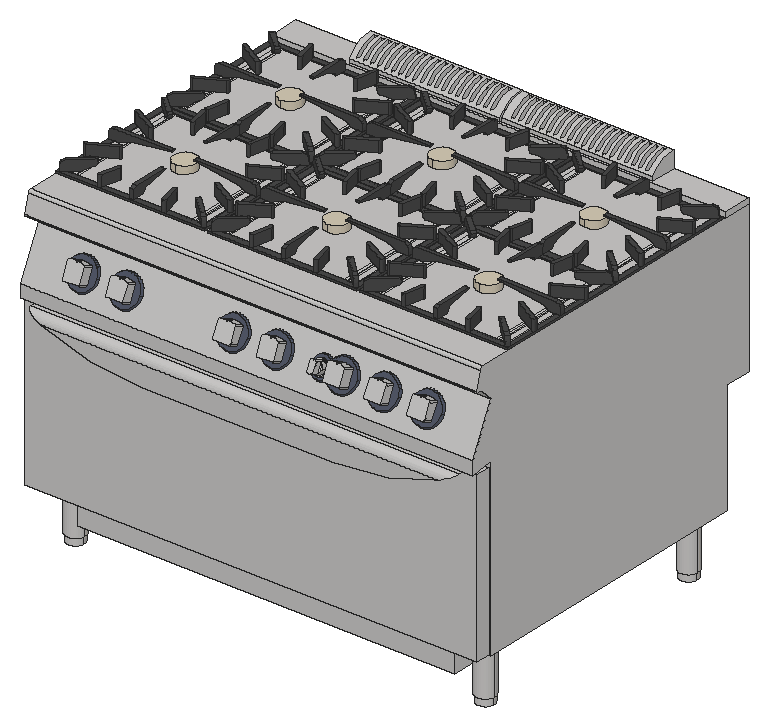
Revit family "QF_ZANUSSI_392015_Z9GCGL6SL0", category Specialty Equipment, Revit 2018
Family settings
  Round Connector Dimension = Use Diameter
  Part Type = Normal
  Work Plane-Based = No
  Always vertical = Yes
  Cut with Voids When Loaded = No
  Shared = No
  Room Calculation Point = No
Parameters
  Width = 1200 mm
  Weight in Pounds = 200  # constant formula
  Weight = 0.00 kg
  Watts = 0 W
  Volts = 0 V
  URL Manufacturer = "http://www.zanussiprofessional.com"
  URL Cutsheet = "www.electrolux.com"
  URL = "http://www.zanussiprofessional.com"
  Type Mark [instance] = ""
  Steam Supply Size = 0"
  Steam Supply Minimum Pressure = 0.00 psi
  Steam Supply Maximum Pressure = 0.00 psi
  Steam Pounds per Hour = 0
  Status [instance] = ""
  Specification by User [instance] = ""
  Specification by Manufacturer = ""
  Show Logo [instance] = yes
  Show Clearance [instance] = yes
  Serial Number = ""
  Seismic Rating = ""
  SMACNA No = ""
  Revision Code [instance] = ""
  Refrigeration Suction Line Size = 0"
  Refrigeration Liquid Line Size = 0"
  Refrigerant Compressor Remote = yes
  Phase = 0
  Omniclass Number and Title = ""
  NAFEM Spec ID Number = ""
  Model = "Z9GCGL6SL0"
  Mechanical Remarks [instance] = ""
  Mechanical Connection Type [instance] = ""
  Masterspec = ""
  Manufacturer = "Zanussi"
  Length Actual = 1200 mm  # constant formula
  Item Number [instance] = "392015"
  Installed By [instance] = ""
  Identify Quantity as Lot [instance] = yes
  Hot Water Size = 0"
  Height Actual = 850 mm  # constant formula
  Height = 908 mm
  HP = "0 HP"
  Gas Size = 1/2"  # constant formula
  Gas RI Height [instance] = 0 mm
  Gas KW [instance] = 56  # constant formula
  Gas Input [instance] = 1.45819 Btu/h
  Gas Connection Height = 0 mm
  Furnished By [instance] = ""
  Foodservice Equipment Identifier [instance] = yes
  Direct Waste Size = 0"
  Description = "6-BURNER GAS RANGE+LARGE GAS OVEN 1200MM"
  Depth Actual = 900 mm  # constant formula
  Depth = 915 mm
  Cycle = 0 Hz
  Condensate Return Size = 0"
  Compressed Air Volume = 0 GPM
  Compressed Air Size = 0"
  Compressed Air Pressure = 0.00 psi
  Cold Water Size = 0"
  CSI MasterFormat = ""
  CSI Master Format = ""
  Assembly Code = ""
  Accessory = yes
Reference planes
  plane 1 "BACK": y = 0
  plane 2: z = 0
  plane 3 "LEFT": x = 0
  plane 4 "RIGHT": x = 1200
  plane 5 "FRONT": y = -700
  plane 6 "TOP": z = 908
  plane 7 "Center Y": x = 600
  plane 8 "Center X": y = -350
  plane 9 "Base": z = 150
  plane 10: z = 850
  plane 11: y = -915
  plane 12: y = -1109
  plane 13: y = -128
  plane 14: y = -802
  plane 15: y = -1310
  plane 16: y = -666
  plane 17: x = 56
  plane 18: x = 1144
Forms (mm)
  Extrusion 1, solid, material "QF_Finishes_Stainless Steel"
    sketch origin (0, 0, 0) x (0, 1, 0) y (0, 0, 1)
      loop
        line (0, 850) -> (-879.358, 850)
        arc (-879.358, 850) -> (-884.643, 847.811) -> (-886.833, 842.526) r 7.474
        line (-886.833, 842.526) -> (-899.884, 797.011)
        arc (-899.884, 797.011) -> (-899.396, 794.379) -> (-897, 793.184) r 3
        line (-897, 793.184) -> (-886.802, 793.184) -> (-854.982, 761.364) -> (-915, 640.508) -> (-915, 605.508) -> (-858.645, 613.428)
        arc (-858.645, 613.428) -> (-856.101, 612.674) -> (-855, 610.259) r 3.2
        line (-855, 610.259) -> (-855, 150) -> (-71, 150) -> (-71, 450) -> (0, 450) -> (0, 850)
      loop
        line (-900, 600) -> (-900, 155) -> (-860, 155) -> (-860, 600) -> (-900, 600)
    from 0 to 1200
  Extrusion 2, solid, material "QF_Finishes_Stainless Steel"
    sketch origin (0, 0, 0) x (0, -1, 0) y (0, 0, 1)
      loop
        line (0, 850) -> (76.2, 850) -> (76.2, 864.288) -> (0, 864.288) -> (0, 850)
    from 0 to -1200
  Extrusion 3, solid, material "QF_Finishes_Stainless Steel"
    sketch origin (0, -852.222, 150) x (1, 0, 0) y (0, -1, 0)
      loop
        circle (1148, -186.222) r 6.4
    from 0 to 21
  Extrusion 4, solid, material "QF_Clearances", visible <- "Show Clearance", detail levels coarse
    sketch origin (0, -200, 0) x (1, 0, 0) y (0, 1, 0)
      loop
        line (-100, -715) -> (0, -715) -> (0, 200) -> (1200, 200) -> (1200, -715) -> (1300, -715) -> (1300, 300) -> (-100, 300) -> (-100, -715)
    from 0 to 908.85
  Extrusion 5, solid, material "QF_Finishes_Stainless Steel"
    sketch origin (202.4, -200, 590.5) x (0, 1, 0) y (0, 0, 1)
      loop
        line (200, 273.788) -> (200, 317.5)
        arc (200, 317.5) -> (160.928, 308.879) -> (130.15, 283.313) r 84.854
        line (130.15, 283.313) -> (130.15, 273.788) -> (200, 273.788)
    from 400 to 800
  Revolve 6, solid, material "QF_Finishes_Stainless Steel"
    sketch origin (799, -128, 0) x (-1, 0, 0) y (0, 0, -1)
      loop
        line (-345, 0) -> (-367.9, 0) -> (-367.9, -19.05) -> (-370.4, -19.05) -> (-370.4, -150) -> (-345, -150) -> (-345, 0)
      axis (-345, 0) -> (-345, -150)
    angle from 0 to 360
  Revolve 7, solid, material "QF_Finishes_Stainless Steel"
    sketch origin (799, -802, 0) x (-1, 0, 0) y (0, 0, -1)
      loop
        line (-345, 0) -> (-367.9, 0) -> (-367.9, -19.05) -> (-370.4, -19.05) -> (-370.4, -150) -> (-345, -150) -> (-345, 0)
      axis (-345, 0) -> (-345, -150)
    angle from 0 to 360
  Extrusion 8, solid, material "QF_Finishes_Stainless Steel"
    sketch origin (0, -852.222, 150) x (1, 0, 0) y (0, -1, 0)
      loop
        circle (1157, -276.222) r 12.7
    from 0 to 5
  Extrusion 9, void
    sketch origin (-62.611, 0, 865.138) x (-1, 0, 0) y (0, -1, 0)
      loop
        line (-695.005, 6.761) -> (-685.709, 6.761) -> (-685.709, 63.911) -> (-695.005, 63.911) -> (-695.005, 6.761)
      loop
        line (-713.697, 6.761) -> (-704.401, 6.761) -> (-704.401, 63.911) -> (-713.697, 63.911) -> (-713.697, 6.761)
      loop
        line (-732.39, 6.761) -> (-723.094, 6.761) -> (-723.094, 63.911) -> (-732.39, 63.911) -> (-732.39, 6.761)
      loop
        line (-751.082, 6.761) -> (-741.787, 6.761) -> (-741.787, 63.911) -> (-751.082, 63.911) -> (-751.082, 6.761)
      loop
        line (-769.775, 6.761) -> (-760.479, 6.761) -> (-760.479, 63.911) -> (-769.775, 63.911) -> (-769.775, 6.761)
      loop
        line (-788.468, 6.761) -> (-779.172, 6.761) -> (-779.172, 63.911) -> (-788.468, 63.911) -> (-788.468, 6.761)
      loop
        line (-807.16, 6.761) -> (-797.864, 6.761) -> (-797.864, 63.911) -> (-807.16, 63.911) -> (-807.16, 6.761)
      loop
        line (-825.853, 6.761) -> (-816.557, 6.761) -> (-816.557, 63.911) -> (-825.853, 63.911) -> (-825.853, 6.761)
      loop
        line (-844.545, 6.761) -> (-835.25, 6.761) -> (-835.25, 63.911) -> (-844.545, 63.911) -> (-844.545, 6.761)
      loop
        line (-863.238, 6.761) -> (-853.942, 6.761) -> (-853.942, 63.911) -> (-863.238, 63.911) -> (-863.238, 6.761)
      loop
        line (-881.931, 6.761) -> (-872.635, 6.761) -> (-872.635, 63.911) -> (-881.931, 63.911) -> (-881.931, 6.761)
      loop
        line (-900.623, 6.761) -> (-891.328, 6.761) -> (-891.328, 63.911) -> (-900.623, 63.911) -> (-900.623, 6.761)
      loop
        line (-919.316, 6.761) -> (-910.02, 6.761) -> (-910.02, 63.911) -> (-919.316, 63.911) -> (-919.316, 6.761)
      loop
        line (-938.008, 6.761) -> (-928.713, 6.761) -> (-928.713, 63.911) -> (-938.008, 63.911) -> (-938.008, 6.761)
      loop
        line (-956.701, 6.761) -> (-947.405, 6.761) -> (-947.405, 63.911) -> (-956.701, 63.911) -> (-956.701, 6.761)
      loop
        line (-975.394, 6.761) -> (-966.098, 6.761) -> (-966.098, 63.911) -> (-975.394, 63.911) -> (-975.394, 6.761)
      loop
        line (-994.086, 6.761) -> (-984.791, 6.761) -> (-984.791, 63.911) -> (-994.086, 63.911) -> (-994.086, 6.761)
      loop
        line (-1012.779, 6.761) -> (-1003.483, 6.761) -> (-1003.483, 63.911) -> (-1012.779, 63.911) -> (-1012.779, 6.761)
      loop
        line (-1031.472, 6.761) -> (-1022.176, 6.761) -> (-1022.176, 63.911) -> (-1031.472, 63.911) -> (-1031.472, 6.761)
      loop
        line (-1050.164, 6.761) -> (-1040.868, 6.761) -> (-1040.868, 63.911) -> (-1050.164, 63.911) -> (-1050.164, 6.761)
    from 9.525 to 45.348
  Revolve 10, solid, material "QF_Finishes_Stainless Steel"
    sketch origin (1, -128, 0) x (1, 0, 0) y (0, 0, 1)
      loop
        line (55, 0) -> (55, 150) -> (29.6, 150) -> (29.6, 19.05) -> (32.1, 19.05) -> (32.1, 0) -> (55, 0)
      axis (55, 0) -> (55, 150)
    angle from 0 to 360
  Revolve 11, solid, material "QF_Finishes_Stainless Steel"
    sketch origin (1, -802, 0) x (1, 0, 0) y (0, 0, 1)
      loop
        line (55, 0) -> (55, 150) -> (29.6, 150) -> (29.6, 19.05) -> (32.1, 19.05) -> (32.1, 0) -> (55, 0)
      axis (55, 0) -> (55, 150)
    angle from 0 to 360
  Extrusion 12, solid, material "QF_Finishes_Stainless Steel"
    sketch origin (997.6, -200, 590.5) x (0, 1, 0) y (0, 0, -1)
      loop
        line (200, -273.788) -> (130.15, -273.788) -> (130.15, -283.313)
        arc (130.15, -283.313) -> (160.928, -308.879) -> (200, -317.5) r 84.854
        line (200, -317.5) -> (200, -273.788)
    from 400 to 800
  Extrusion 13, void
    sketch origin (1262.611, 0, 865.138) x (1, 0, 0) y (0, 1, 0)
      loop
        line (-695.005, -6.761) -> (-695.005, -63.911) -> (-685.709, -63.911) -> (-685.709, -6.761) -> (-695.005, -6.761)
      loop
        line (-713.697, -6.761) -> (-713.697, -63.911) -> (-704.401, -63.911) -> (-704.401, -6.761) -> (-713.697, -6.761)
      loop
        line (-732.39, -6.761) -> (-732.39, -63.911) -> (-723.094, -63.911) -> (-723.094, -6.761) -> (-732.39, -6.761)
      loop
        line (-751.082, -6.761) -> (-751.082, -63.911) -> (-741.787, -63.911) -> (-741.787, -6.761) -> (-751.082, -6.761)
      loop
        line (-769.775, -6.761) -> (-769.775, -63.911) -> (-760.479, -63.911) -> (-760.479, -6.761) -> (-769.775, -6.761)
      loop
        line (-788.468, -6.761) -> (-788.468, -63.911) -> (-779.172, -63.911) -> (-779.172, -6.761) -> (-788.468, -6.761)
      loop
        line (-807.16, -6.761) -> (-807.16, -63.911) -> (-797.864, -63.911) -> (-797.864, -6.761) -> (-807.16, -6.761)
      loop
        line (-825.853, -6.761) -> (-825.853, -63.911) -> (-816.557, -63.911) -> (-816.557, -6.761) -> (-825.853, -6.761)
      loop
        line (-844.545, -6.761) -> (-844.545, -63.911) -> (-835.25, -63.911) -> (-835.25, -6.761) -> (-844.545, -6.761)
      loop
        line (-863.238, -6.761) -> (-863.238, -63.911) -> (-853.942, -63.911) -> (-853.942, -6.761) -> (-863.238, -6.761)
      loop
        line (-881.931, -6.761) -> (-881.931, -63.911) -> (-872.635, -63.911) -> (-872.635, -6.761) -> (-881.931, -6.761)
      loop
        line (-900.623, -6.761) -> (-900.623, -63.911) -> (-891.328, -63.911) -> (-891.328, -6.761) -> (-900.623, -6.761)
      loop
        line (-919.316, -6.761) -> (-919.316, -63.911) -> (-910.02, -63.911) -> (-910.02, -6.761) -> (-919.316, -6.761)
      loop
        line (-938.008, -6.761) -> (-938.008, -63.911) -> (-928.713, -63.911) -> (-928.713, -6.761) -> (-938.008, -6.761)
      loop
        line (-956.701, -6.761) -> (-956.701, -63.911) -> (-947.405, -63.911) -> (-947.405, -6.761) -> (-956.701, -6.761)
      loop
        line (-975.394, -6.761) -> (-975.394, -63.911) -> (-966.098, -63.911) -> (-966.098, -6.761) -> (-975.394, -6.761)
      loop
        line (-994.086, -6.761) -> (-994.086, -63.911) -> (-984.791, -63.911) -> (-984.791, -6.761) -> (-994.086, -6.761)
      loop
        line (-1012.779, -6.761) -> (-1012.779, -63.911) -> (-1003.483, -63.911) -> (-1003.483, -6.761) -> (-1012.779, -6.761)
      loop
        line (-1031.472, -6.761) -> (-1031.472, -63.911) -> (-1022.176, -63.911) -> (-1022.176, -6.761) -> (-1031.472, -6.761)
      loop
        line (-1050.164, -6.761) -> (-1050.164, -63.911) -> (-1040.868, -63.911) -> (-1040.868, -6.761) -> (-1050.164, -6.761)
    from 9.525 to 45.348
  Extrusion 14, solid, material "QF_Finishes_Door Clearance", visible <- "Show Clearance", detail levels coarse
    sketch origin (400, -200, 0) x (0, 1, 0) y (0, 0, 1)
      loop
        arc (-700, 600) -> (-991.621, 457.58) -> (-1108.972, 155) r 445
        line (-1108.972, 155) -> (-700, 155) -> (-700, 600)
    from -400 to 800
  Blend 15, solid, material "QF_Finishes_Navy Blue"
    base sketch origin (832.5, -884.991, 700.936) x (1, 0, 0) y (0, 0.446333, 0.894867)
      loop
        arc (-35.05, -24.037) -> (42.5, 0) -> (-35.05, 24.037) r 42.5
        arc (-35.05, 24.037) -> (-83, 0) -> (-35.05, -24.037) r 30
    top sketch origin (832.5, -884.991, 700.936) x (1, 0, 0) y (0, 0.446333, 0.894867)
      loop
        arc (-34.578, -21.086) -> (40.5, 0) -> (-34.578, 21.086) r 40.5
        arc (-34.578, 21.086) -> (-81, 0) -> (-34.578, -21.086) r 28
    from 0 to 5
  Extrusion 16, solid, material "QF_Finishes_Stainless Steel"
    sketch origin (600, -884.991, 700.936) x (1, 0, 0) y (0, 0.446333, 0.894867)
      loop
        circle (177.499, -0.341) r 20
    from 5 to 10
  Extrusion 17, void
    sketch origin (832.5, -884.991, 700.936) x (1, 0, 0) y (0, -0.894867, 0.446333)
      loop
        line (-62.999, 24.837) -> (-62.999, 40) -> (-71.893, 40) -> (-71.893, 22) -> (-65.835, 22)
        arc (-65.835, 22) -> (-63.827, 22.828) -> (-62.999, 24.837) r 2.827
      loop
        arc (-47.003, 24.837) -> (-46.175, 22.828) -> (-44.167, 22) r 2.827
        line (-44.167, 22) -> (-38.109, 22) -> (-38.109, 40) -> (-47.003, 40) -> (-47.003, 24.837)
    from -20.019 to 20.019
  Extrusion 18, solid, material "QF_Finishes_Stainless Steel"
    sketch origin (600, -884.991, 700.936) x (1, 0, 0) y (0, 0.446333, 0.894867)
      loop
        arc (211.353, 22.789) -> (210.006, 21.685) -> (209.5, 20.019) r 2.997
        line (209.5, 20.019) -> (209.5, -20.019)
        arc (209.5, -20.019) -> (210.378, -22.138) -> (212.497, -23.016) r 2.997
        line (212.497, -23.016) -> (252.503, -23.016)
        arc (252.503, -23.016) -> (254.622, -22.138) -> (255.5, -20.019) r 2.997
        line (255.5, -20.019) -> (255.5, 20.019)
        arc (255.5, 20.019) -> (254.994, 21.685) -> (253.647, 22.789) r 2.997
        arc (253.647, 22.789) -> (232.5, 26.984) -> (211.353, 22.789) r 55.4
    from 5 to 34
  Blend 19, solid, material "QF_Finishes_Navy Blue"
    base sketch origin (942.5, -884.991, 700.936) x (1, 0, 0) y (0, 0.446333, 0.894867)
      loop
        circle (0, 0) r 42.5
    top sketch origin (942.5, -884.991, 700.936) x (1, 0, 0) y (0, 0.446333, 0.894867)
      loop
        circle (0, 0) r 40.5
    from 0 to 5
  Extrusion 20, solid, material "QF_Finishes_Stainless Steel"
    sketch origin (942.5, -884.991, 700.936) x (1, 0, 0) y (0, 0.446333, 0.894867)
      loop
        arc (-21.147, 22.789) -> (-22.494, 21.685) -> (-23, 20.019) r 2.997
        line (-23, 20.019) -> (-23, -20.019)
        arc (-23, -20.019) -> (-22.122, -22.138) -> (-20.003, -23.016) r 2.997
        line (-20.003, -23.016) -> (20.003, -23.016)
        arc (20.003, -23.016) -> (22.122, -22.138) -> (23, -20.019) r 2.997
        line (23, -20.019) -> (23, 20.019)
        arc (23, 20.019) -> (22.494, 21.685) -> (21.147, 22.789) r 2.997
        arc (21.147, 22.789) -> (0, 26.984) -> (-21.147, 22.789) r 55.4
    from 10 to 34
  Extrusion 21, solid, material "QF_Plastic-Black-Matte"
    sketch origin (1000, -884.991, 700.936) x (0, 0.446333, 0.894867) y (0, -0.894867, 0.446333)
      loop
        line (26.984, 34) -> (26.984, 19) -> (27.984, 19) -> (27.984, 34)
        arc (27.984, 34) -> (27.691, 34.707) -> (26.984, 35) r 1
        line (26.984, 35) -> (23.984, 35) -> (23.984, 34) -> (26.984, 34)
    from -58.5 to -56.5
  Extrusion 22, solid, material "QF_Finishes_Stainless Steel"
    sketch origin (942.5, -884.991, 700.936) x (1, 0, 0) y (0, 0.446333, 0.894867)
      loop
        line (17.5, 17.5) -> (-17.5, 17.5) -> (-17.5, -17.5) -> (17.5, -17.5) -> (17.5, 17.5)
    from 5 to 10
  Extrusion 23, solid, material "QF_Plastic-Black-Matte"
    sketch origin (1000, -884.991, 700.936) x (0, 0.446333, 0.894867) y (0, 0.894867, -0.446333)
      loop
        line (26.984, -34) -> (23.984, -34) -> (23.984, -35) -> (26.984, -35)
        arc (26.984, -35) -> (27.691, -34.707) -> (27.984, -34) r 1
        line (27.984, -34) -> (27.984, -19) -> (26.984, -19) -> (26.984, -34)
    from -58.5 to -56.5
  Extrusion 24, solid, material "QF_Finishes_Stainless Steel"
    sketch origin (1057.5, -884.991, 700.936) x (-1, 0, 0) y (0, -0.446333, -0.894867)
      loop
        line (17.5, -17.5) -> (17.5, 17.5) -> (-17.5, 17.5) -> (-17.5, -17.5) -> (17.5, -17.5)
    from 5 to 10
  Blend 25, solid, material "QF_Finishes_Navy Blue"
    base sketch origin (1057.5, -884.991, 700.936) x (1, 0, 0) y (0, 0.446333, 0.894867)
      loop
        circle (0, 0) r 42.5
    top sketch origin (1057.5, -884.991, 700.936) x (1, 0, 0) y (0, 0.446333, 0.894867)
      loop
        circle (0, 0) r 40.5
    from 0 to 5
  Extrusion 26, solid, material "QF_Finishes_Stainless Steel"
    sketch origin (1057.5, -884.991, 700.936) x (-1, 0, 0) y (0, -0.446333, -0.894867)
      loop
        arc (-21.147, -22.789) -> (0, -26.984) -> (21.147, -22.789) r 55.4
        arc (21.147, -22.789) -> (22.494, -21.685) -> (23, -20.019) r 2.997
        line (23, -20.019) -> (23, 20.019)
        arc (23, 20.019) -> (22.122, 22.138) -> (20.003, 23.016) r 2.997
        line (20.003, 23.016) -> (-20.003, 23.016)
        arc (-20.003, 23.016) -> (-22.122, 22.138) -> (-23, 20.019) r 2.997
        line (-23, 20.019) -> (-23, -20.019)
        arc (-23, -20.019) -> (-22.494, -21.685) -> (-21.147, -22.789) r 2.997
    from 10 to 34
  Extrusion 27, solid, material "QF_Finishes_Stainless Steel"
    sketch origin (600, -884.991, 700.936) x (1, 0, 0) y (0, 0.446333, 0.894867)
      loop
        circle (177.499, -0.341) r 16
    from 10 to 40
  Extrusion 28, solid, material "QF_Plastic-Black-Matte"
    sketch origin (890, -884.991, 700.936) x (0, 0.446333, 0.894867) y (0, -0.894867, 0.446333)
      loop
        line (26.984, 34) -> (26.984, 19) -> (27.984, 19) -> (27.984, 34)
        arc (27.984, 34) -> (27.691, 34.707) -> (26.984, 35) r 1
        line (26.984, 35) -> (23.984, 35) -> (23.984, 34) -> (26.984, 34)
    from -58.5 to -56.5
  Blend 29, solid, material "QF_Finishes_Navy Blue"
    base sketch origin (142.5, -884.991, 700.936) x (1, 0, 0) y (0, 0.446333, 0.894867)
      loop
        circle (0, 0) r 42.5
    top sketch origin (142.5, -884.991, 700.936) x (1, 0, 0) y (0, 0.446333, 0.894867)
      loop
        circle (0, 0) r 40.5
    from 0 to 5
  Extrusion 30, solid, material "QF_Finishes_Stainless Steel"
    sketch origin (142.5, -884.991, 700.936) x (1, 0, 0) y (0, 0.446333, 0.894867)
      loop
        arc (-21.147, 22.789) -> (-22.494, 21.685) -> (-23, 20.019) r 2.997
        line (-23, 20.019) -> (-23, -20.019)
        arc (-23, -20.019) -> (-22.122, -22.138) -> (-20.003, -23.016) r 2.997
        line (-20.003, -23.016) -> (20.003, -23.016)
        arc (20.003, -23.016) -> (22.122, -22.138) -> (23, -20.019) r 2.997
        line (23, -20.019) -> (23, 20.019)
        arc (23, 20.019) -> (22.494, 21.685) -> (21.147, 22.789) r 2.997
        arc (21.147, 22.789) -> (0, 26.984) -> (-21.147, 22.789) r 55.4
    from 10 to 34
  Extrusion 31, solid, material "QF_Plastic-Black-Matte"
    sketch origin (200, -884.991, 700.936) x (0, 0.446333, 0.894867) y (0, -0.894867, 0.446333)
      loop
        line (26.984, 34) -> (26.984, 19) -> (27.984, 19) -> (27.984, 34)
        arc (27.984, 34) -> (27.691, 34.707) -> (26.984, 35) r 1
        line (26.984, 35) -> (23.984, 35) -> (23.984, 34) -> (26.984, 34)
    from -58.5 to -56.5
  Extrusion 32, solid, material "QF_Finishes_Stainless Steel"
    sketch origin (142.5, -884.991, 700.936) x (1, 0, 0) y (0, 0.446333, 0.894867)
      loop
        line (17.5, 17.5) -> (-17.5, 17.5) -> (-17.5, -17.5) -> (17.5, -17.5) -> (17.5, 17.5)
    from 5 to 10
  Extrusion 33, solid, material "QF_Plastic-Black-Matte"
    sketch origin (200, -884.991, 700.936) x (0, 0.446333, 0.894867) y (0, 0.894867, -0.446333)
      loop
        line (26.984, -34) -> (23.984, -34) -> (23.984, -35) -> (26.984, -35)
        arc (26.984, -35) -> (27.691, -34.707) -> (27.984, -34) r 1
        line (27.984, -34) -> (27.984, -19) -> (26.984, -19) -> (26.984, -34)
    from -58.5 to -56.5
  Extrusion 34, solid, material "QF_Finishes_Stainless Steel"
    sketch origin (257.5, -884.991, 700.936) x (-1, 0, 0) y (0, -0.446333, -0.894867)
      loop
        line (17.5, -17.5) -> (17.5, 17.5) -> (-17.5, 17.5) -> (-17.5, -17.5) -> (17.5, -17.5)
    from 5 to 10
  Blend 35, solid, material "QF_Finishes_Navy Blue"
    base sketch origin (257.5, -884.991, 700.936) x (1, 0, 0) y (0, 0.446333, 0.894867)
      loop
        circle (0, 0) r 42.5
    top sketch origin (257.5, -884.991, 700.936) x (1, 0, 0) y (0, 0.446333, 0.894867)
      loop
        circle (0, 0) r 40.5
    from 0 to 5
  Extrusion 36, solid, material "QF_Finishes_Stainless Steel"
    sketch origin (257.5, -884.991, 700.936) x (-1, 0, 0) y (0, -0.446333, -0.894867)
      loop
        arc (-21.147, -22.789) -> (0, -26.984) -> (21.147, -22.789) r 55.4
        arc (21.147, -22.789) -> (22.494, -21.685) -> (23, -20.019) r 2.997
        line (23, -20.019) -> (23, 20.019)
        arc (23, 20.019) -> (22.122, 22.138) -> (20.003, 23.016) r 2.997
        line (20.003, 23.016) -> (-20.003, 23.016)
        arc (-20.003, 23.016) -> (-22.122, 22.138) -> (-23, 20.019) r 2.997
        line (-23, 20.019) -> (-23, -20.019)
        arc (-23, -20.019) -> (-22.494, -21.685) -> (-21.147, -22.789) r 2.997
    from 10 to 34
  Blend 37, solid, material "QF_Finishes_Navy Blue"
    base sketch origin (542.5, -884.991, 700.936) x (1, 0, 0) y (0, 0.446333, 0.894867)
      loop
        circle (0, 0) r 42.5
    top sketch origin (542.5, -884.991, 700.936) x (1, 0, 0) y (0, 0.446333, 0.894867)
      loop
        circle (0, 0) r 40.5
    from 0 to 5
  Extrusion 38, solid, material "QF_Finishes_Stainless Steel"
    sketch origin (542.5, -884.991, 700.936) x (1, 0, 0) y (0, 0.446333, 0.894867)
      loop
        arc (-21.147, 22.789) -> (-22.494, 21.685) -> (-23, 20.019) r 2.997
        line (-23, 20.019) -> (-23, -20.019)
        arc (-23, -20.019) -> (-22.122, -22.138) -> (-20.003, -23.016) r 2.997
        line (-20.003, -23.016) -> (20.003, -23.016)
        arc (20.003, -23.016) -> (22.122, -22.138) -> (23, -20.019) r 2.997
        line (23, -20.019) -> (23, 20.019)
        arc (23, 20.019) -> (22.494, 21.685) -> (21.147, 22.789) r 2.997
        arc (21.147, 22.789) -> (0, 26.984) -> (-21.147, 22.789) r 55.4
    from 10 to 34
  Extrusion 39, solid, material "QF_Plastic-Black-Matte"
    sketch origin (600, -884.991, 700.936) x (0, 0.446333, 0.894867) y (0, -0.894867, 0.446333)
      loop
        line (26.984, 34) -> (26.984, 19) -> (27.984, 19) -> (27.984, 34)
        arc (27.984, 34) -> (27.691, 34.707) -> (26.984, 35) r 1
        line (26.984, 35) -> (23.984, 35) -> (23.984, 34) -> (26.984, 34)
    from -58.5 to -56.5
  Extrusion 40, solid, material "QF_Finishes_Stainless Steel"
    sketch origin (542.5, -884.991, 700.936) x (1, 0, 0) y (0, 0.446333, 0.894867)
      loop
        line (17.5, 17.5) -> (-17.5, 17.5) -> (-17.5, -17.5) -> (17.5, -17.5) -> (17.5, 17.5)
    from 5 to 10
  Extrusion 41, solid, material "QF_Plastic-Black-Matte"
    sketch origin (600, -884.991, 700.936) x (0, 0.446333, 0.894867) y (0, 0.894867, -0.446333)
      loop
        line (26.984, -34) -> (23.984, -34) -> (23.984, -35) -> (26.984, -35)
        arc (26.984, -35) -> (27.691, -34.707) -> (27.984, -34) r 1
        line (27.984, -34) -> (27.984, -19) -> (26.984, -19) -> (26.984, -34)
    from -58.5 to -56.5
  Extrusion 42, solid, material "QF_Finishes_Stainless Steel"
    sketch origin (657.5, -884.991, 700.936) x (-1, 0, 0) y (0, -0.446333, -0.894867)
      loop
        line (17.5, -17.5) -> (17.5, 17.5) -> (-17.5, 17.5) -> (-17.5, -17.5) -> (17.5, -17.5)
    from 5 to 10
  Blend 43, solid, material "QF_Finishes_Navy Blue"
    base sketch origin (657.5, -884.991, 700.936) x (1, 0, 0) y (0, 0.446333, 0.894867)
      loop
        circle (0, 0) r 42.5
    top sketch origin (657.5, -884.991, 700.936) x (1, 0, 0) y (0, 0.446333, 0.894867)
      loop
        circle (0, 0) r 40.5
    from 0 to 5
  Extrusion 44, solid, material "QF_Finishes_Stainless Steel"
    sketch origin (657.5, -884.991, 700.936) x (-1, 0, 0) y (0, -0.446333, -0.894867)
      loop
        arc (-21.147, -22.789) -> (0, -26.984) -> (21.147, -22.789) r 55.4
        arc (21.147, -22.789) -> (22.494, -21.685) -> (23, -20.019) r 2.997
        line (23, -20.019) -> (23, 20.019)
        arc (23, 20.019) -> (22.122, 22.138) -> (20.003, 23.016) r 2.997
        line (20.003, 23.016) -> (-20.003, 23.016)
        arc (-20.003, 23.016) -> (-22.122, 22.138) -> (-23, 20.019) r 2.997
        line (-23, 20.019) -> (-23, -20.019)
        arc (-23, -20.019) -> (-22.494, -21.685) -> (-21.147, -22.789) r 2.997
    from 10 to 34
  Extrusion 45, solid, material "QF_Finishes_Stainless Steel"
    sketch origin (0, 0, 0) x (0, 1, 0) y (0, 0, 1)
      loop
        line (-900, 600) -> (-920, 600)
        arc (-920, 600) -> (-934.142, 594.142) -> (-940, 580) r 20
        line (-940, 580) -> (-940, 525) -> (-935, 525) -> (-935, 580)
        arc (-935, 580) -> (-930.607, 590.607) -> (-920, 595) r 15
        line (-920, 595) -> (-900, 595) -> (-900, 600)
    from 31.562 to 1168.889
  Extrusion 46, void
    sketch origin (0, -700, 0) x (1, 0, 0) y (0, 0, 1)
      loop
        line (31.562, 600) -> (31.562, 515) -> (344.198, 515) -> (344.198, 525.218)
        arc (344.198, 525.218) -> (183.354, 543.688) -> (31.562, 600) r 673.664
      loop
        arc (1168.889, 600) -> (1016.888, 543.527) -> (855.797, 525) r 673.861
        line (855.797, 525) -> (855.797, 515) -> (1168.889, 515) -> (1168.889, 600)
    from 200 to 240
  Extrusion 47, solid, material "QF_Finishes_Stainless Steel"
    sketch origin (0, -700, 0) x (1, 0, 0) y (0, 0, 1)
      loop
        line (100, 155) -> (100, 70) -> (1100, 70) -> (1100, 155) -> (100, 155)
    from -544.408 to 149.363
Cuts and joins
  Extrusion 9, Extrusion 13 cuts Extrusion 5
  Extrusion 13 cuts Extrusion 12
  Extrusion 17 cuts Extrusion 27
  Extrusion 46 cuts Extrusion 1
  Extrusion 46 cuts Extrusion 45
Lines and regions (mm)
  Split face 1
    outline origin (832.5, -889.465, 703.168) x (1, 0, 0) y (0, 0.446333, 0.894867)
      loop
        circle (0, 33) r 1
  Split face 2
    outline origin (832.5, -889.465, 703.168) x (1, 0, 0) y (0, 0.446333, 0.894867)
      loop
        circle (-8.541, 31.876) r 1
  Split face 3
    outline origin (832.5, -889.465, 703.168) x (1, 0, 0) y (0, 0.446333, 0.894867)
      loop
        circle (-16.5, 28.579) r 1
  Split face 4
    outline origin (832.5, -889.465, 703.168) x (1, 0, 0) y (0, 0.446333, 0.894867)
      loop
        circle (-23.335, 23.335) r 1
  Split face 5
    outline origin (832.5, -889.465, 703.168) x (1, 0, 0) y (0, 0.446333, 0.894867)
      loop
        circle (-28.579, 16.5) r 1
  Split face 6
    outline origin (832.5, -889.465, 703.168) x (1, 0, 0) y (0, 0.446333, 0.894867)
      loop
        circle (-31.876, 8.541) r 1
  Split face 7
    outline origin (832.5, -889.465, 703.168) x (1, 0, 0) y (0, 0.446333, 0.894867)
      loop
        circle (-33, 0) r 1
  Split face 8
    outline origin (832.5, -889.465, 703.168) x (-1, 0, 0) y (0, 0.446333, 0.894867)
      loop
        circle (-8.541, 31.876) r 1
  Split face 9
    outline origin (832.5, -889.465, 703.168) x (-1, 0, 0) y (0, 0.446333, 0.894867)
      loop
        circle (-16.5, 28.579) r 1
  Split face 10
    outline origin (832.5, -889.465, 703.168) x (-1, 0, 0) y (0, 0.446333, 0.894867)
      loop
        circle (-23.335, 23.335) r 1
  Split face 11
    outline origin (832.5, -889.465, 703.168) x (-1, 0, 0) y (0, 0.446333, 0.894867)
      loop
        circle (-28.579, 16.5) r 1
  Split face 12
    outline origin (832.5, -889.465, 703.168) x (-1, 0, 0) y (0, 0.446333, 0.894867)
      loop
        circle (-31.876, 8.541) r 1
  Split face 13
    outline origin (832.5, -889.465, 703.168) x (1, 0, 0) y (0, -0.446333, -0.894867)
      loop
        circle (0, 33) r 1
  Split face 14
    outline origin (832.5, -889.465, 703.168) x (1, 0, 0) y (0, -0.446333, -0.894867)
      loop
        circle (-8.541, 31.876) r 1
  Split face 15
    outline origin (832.5, -889.465, 703.168) x (1, 0, 0) y (0, -0.446333, -0.894867)
      loop
        circle (-16.5, 28.579) r 1
  Split face 16
    outline origin (832.5, -889.465, 703.168) x (1, 0, 0) y (0, -0.446333, -0.894867)
      loop
        circle (-23.335, 23.335) r 1
  Split face 17
    outline origin (832.5, -889.465, 703.168) x (1, 0, 0) y (0, -0.446333, -0.894867)
      loop
        circle (-28.579, 16.5) r 1
  Split face 18
    outline origin (832.5, -889.465, 703.168) x (1, 0, 0) y (0, -0.446333, -0.894867)
      loop
        circle (-31.876, 8.541) r 1
  Split face 19
    outline origin (832.5, -889.465, 703.168) x (-1, 0, 0) y (0, -0.446333, -0.894867)
      loop
        circle (-8.541, 31.876) r 1
  Split face 20
    outline origin (832.5, -889.465, 703.168) x (-1, 0, 0) y (0, -0.446333, -0.894867)
      loop
        circle (-16.5, 28.579) r 1
  Split face 21
    outline origin (832.5, -889.465, 703.168) x (-1, 0, 0) y (0, -0.446333, -0.894867)
      loop
        circle (-23.335, 23.335) r 1
  Split face 22
    outline origin (832.5, -889.465, 703.168) x (-1, 0, 0) y (0, -0.446333, -0.894867)
      loop
        circle (-28.579, 16.5) r 1
  Split face 23
    outline origin (832.5, -889.465, 703.168) x (-1, 0, 0) y (0, -0.446333, -0.894867)
      loop
        circle (-31.876, 8.541) r 1
  Split face 24
    outline origin (832.5, -889.465, 703.168) x (1, 0, 0) y (0, 0.446333, 0.894867)
      loop
        circle (33, 0) r 1
  Split face 25
    outline origin (832.5, -889.465, 703.168) x (1, 0, 0) y (0, 0.446333, 0.894867)
      loop
        circle (-55.001, 22) r 1.508
  Split face 26
    outline origin (832.5, -889.465, 703.168) x (1, 0, 0) y (0, 0.446333, 0.894867)
      loop
        circle (-77.001, 0) r 1.343
  Split face 27
    outline origin (832.5, -889.465, 703.168) x (1, 0, 0) y (0, 0.446333, 0.894867)
      loop
        line (-56.273, -20.786) -> (-56.273, -25.164) -> (-53.729, -25.164) -> (-53.729, -20.786) -> (-56.273, -20.786)
  Split face 28
    outline origin (942.5, -889.465, 703.168) x (1, 0, 0) y (0, 0.446333, 0.894867)
      loop
        circle (-33, 0) r 3
  Split face 29
    outline origin (1063.401, -889.465, 703.168) x (1, 0, 0) y (0, 0.446333, 0.894867)
      loop
        line (-8.901, 38.561) -> (-8.901, 28.561) -> (-2.901, 28.561) -> (-2.901, 38.561) -> (-8.901, 38.561)
  Split face 30
    outline origin (1063.401, -889.465, 703.168) x (1, 0, 0) y (0, 0.446333, 0.894867)
      loop
        line (-8.401, 38.061) -> (-8.401, 29.061) -> (-3.401, 29.061) -> (-3.401, 38.061) -> (-8.401, 38.061)
  Split face 31
    outline origin (1063.401, -889.465, 703.168) x (1, 0, 0) y (0, 0.446333, 0.894867)
      loop
        line (-8.401, 33.561) -> (-3.401, 33.561)
  Split face 32
    outline origin (1063.401, -889.465, 703.168) x (1, 0, 0) y (0, 0.446333, 0.894867)
      loop
        line (-8.401, 33.061) -> (-3.401, 33.061)
  Split face 33
    outline origin (948.401, -889.465, 703.168) x (1, 0, 0) y (0, 0.446333, 0.894867)
      loop
        line (-8.901, 38.561) -> (-8.901, 28.561) -> (-2.901, 28.561) -> (-2.901, 38.561) -> (-8.901, 38.561)
  Split face 34
    outline origin (948.401, -889.465, 703.168) x (1, 0, 0) y (0, 0.446333, 0.894867)
      loop
        line (-8.401, 38.061) -> (-8.401, 29.061) -> (-3.401, 29.061) -> (-3.401, 38.061) -> (-8.401, 38.061)
  Split face 35
    outline origin (948.401, -889.465, 703.168) x (1, 0, 0) y (0, 0.446333, 0.894867)
      loop
        line (-8.401, 34.061) -> (-3.401, 34.061)
  Split face 36
    outline origin (948.401, -889.465, 703.168) x (1, 0, 0) y (0, 0.446333, 0.894867)
      loop
        line (-8.401, 33.561) -> (-3.401, 33.561)
  Split face 37
    outline origin (968.157, -875.106, 731.958) x (-1, 0, 0) y (0, -0.446333, -0.894867)
      loop
        circle (43.456, 61.543) r 1.5
  Split face 38
    outline origin (948.401, -889.465, 703.168) x (1, 0, 0) y (0, 0.446333, 0.894867)
      loop
        circle (-5.901, 31.311) r 2.029
  Split face 39
    outline origin (1063.401, -889.465, 703.168) x (1, 0, 0) y (0, 0.446333, 0.894867)
      loop
        circle (-5.901, 35.811) r 2.031
  Split face 40
    outline origin (942.5, -889.465, 703.168) x (1, 0, 0) y (0, 0.446333, 0.894867)
      loop
        circle (-24.487, 26.694) r 3.497
  Split face 41
    outline origin (1057.5, -889.465, 703.168) x (1, 0, 0) y (0, 0.446333, 0.894867)
      loop
        circle (-24.487, 26.694) r 3.497
  Split face 42
    outline origin (1057.5, -889.465, 703.168) x (1, 0, 0) y (0, 0.446333, 0.894867)
      loop
        circle (-33, 0) r 3
  Split face 43
    outline origin (1057.5, -889.465, 703.168) x (1, 0, 0) y (0, 0.446333, 0.894867)
      loop
        circle (-17.8, -29.371) r 1.5
  Split face 44
    outline origin (142.5, -889.465, 703.168) x (1, 0, 0) y (0, 0.446333, 0.894867)
      loop
        circle (-33, 0) r 3
  Split face 45
    outline origin (263.401, -889.465, 703.168) x (1, 0, 0) y (0, 0.446333, 0.894867)
      loop
        line (-8.901, 38.561) -> (-8.901, 28.561) -> (-2.901, 28.561) -> (-2.901, 38.561) -> (-8.901, 38.561)
  Split face 46
    outline origin (263.401, -889.465, 703.168) x (1, 0, 0) y (0, 0.446333, 0.894867)
      loop
        line (-8.401, 38.061) -> (-8.401, 29.061) -> (-3.401, 29.061) -> (-3.401, 38.061) -> (-8.401, 38.061)
  Split face 47
    outline origin (263.401, -889.465, 703.168) x (1, 0, 0) y (0, 0.446333, 0.894867)
      loop
        line (-8.401, 33.561) -> (-3.401, 33.561)
  Split face 48
    outline origin (263.401, -889.465, 703.168) x (1, 0, 0) y (0, 0.446333, 0.894867)
      loop
        line (-8.401, 33.061) -> (-3.401, 33.061)
  Split face 49
    outline origin (148.401, -889.465, 703.168) x (1, 0, 0) y (0, 0.446333, 0.894867)
      loop
        line (-8.901, 38.561) -> (-8.901, 28.561) -> (-2.901, 28.561) -> (-2.901, 38.561) -> (-8.901, 38.561)
  Split face 50
    outline origin (148.401, -889.465, 703.168) x (1, 0, 0) y (0, 0.446333, 0.894867)
      loop
        line (-8.401, 38.061) -> (-8.401, 29.061) -> (-3.401, 29.061) -> (-3.401, 38.061) -> (-8.401, 38.061)
  Split face 51
    outline origin (148.401, -889.465, 703.168) x (1, 0, 0) y (0, 0.446333, 0.894867)
      loop
        line (-8.401, 34.061) -> (-3.401, 34.061)
  Split face 52
    outline origin (148.401, -889.465, 703.168) x (1, 0, 0) y (0, 0.446333, 0.894867)
      loop
        line (-8.401, 33.561) -> (-3.401, 33.561)
  Split face 53
    outline origin (168.157, -875.106, 731.958) x (-1, 0, 0) y (0, -0.446333, -0.894867)
      loop
        circle (43.456, 61.543) r 1.5
  Split face 54
    outline origin (148.401, -889.465, 703.168) x (1, 0, 0) y (0, 0.446333, 0.894867)
      loop
        circle (-5.901, 31.311) r 2.029
  Split face 55
    outline origin (263.401, -889.465, 703.168) x (1, 0, 0) y (0, 0.446333, 0.894867)
      loop
        circle (-5.901, 35.811) r 2.031
  Split face 56
    outline origin (142.5, -889.465, 703.168) x (1, 0, 0) y (0, 0.446333, 0.894867)
      loop
        circle (-24.487, 26.694) r 3.497
  Split face 57
    outline origin (257.5, -889.465, 703.168) x (1, 0, 0) y (0, 0.446333, 0.894867)
      loop
        circle (-24.487, 26.694) r 3.497
  Split face 58
    outline origin (257.5, -889.465, 703.168) x (1, 0, 0) y (0, 0.446333, 0.894867)
      loop
        circle (-33, 0) r 3
  Split face 59
    outline origin (257.5, -889.465, 703.168) x (1, 0, 0) y (0, 0.446333, 0.894867)
      loop
        circle (-17.8, -29.371) r 1.5
  Split face 60
    outline origin (542.5, -889.465, 703.168) x (1, 0, 0) y (0, 0.446333, 0.894867)
      loop
        circle (-33, 0) r 3
  Split face 61
    outline origin (663.401, -889.465, 703.168) x (1, 0, 0) y (0, 0.446333, 0.894867)
      loop
        line (-8.901, 38.561) -> (-8.901, 28.561) -> (-2.901, 28.561) -> (-2.901, 38.561) -> (-8.901, 38.561)
  Split face 62
    outline origin (663.401, -889.465, 703.168) x (1, 0, 0) y (0, 0.446333, 0.894867)
      loop
        line (-8.401, 38.061) -> (-8.401, 29.061) -> (-3.401, 29.061) -> (-3.401, 38.061) -> (-8.401, 38.061)
  Split face 63
    outline origin (663.401, -889.465, 703.168) x (1, 0, 0) y (0, 0.446333, 0.894867)
      loop
        line (-8.401, 33.561) -> (-3.401, 33.561)
  Split face 64
    outline origin (663.401, -889.465, 703.168) x (1, 0, 0) y (0, 0.446333, 0.894867)
      loop
        line (-8.401, 33.061) -> (-3.401, 33.061)
  Split face 65
    outline origin (548.401, -889.465, 703.168) x (1, 0, 0) y (0, 0.446333, 0.894867)
      loop
        line (-8.901, 38.561) -> (-8.901, 28.561) -> (-2.901, 28.561) -> (-2.901, 38.561) -> (-8.901, 38.561)
  Split face 66
    outline origin (548.401, -889.465, 703.168) x (1, 0, 0) y (0, 0.446333, 0.894867)
      loop
        line (-8.401, 38.061) -> (-8.401, 29.061) -> (-3.401, 29.061) -> (-3.401, 38.061) -> (-8.401, 38.061)
  Split face 67
    outline origin (548.401, -889.465, 703.168) x (1, 0, 0) y (0, 0.446333, 0.894867)
      loop
        line (-8.401, 34.061) -> (-3.401, 34.061)
  Split face 68
    outline origin (548.401, -889.465, 703.168) x (1, 0, 0) y (0, 0.446333, 0.894867)
      loop
        line (-8.401, 33.561) -> (-3.401, 33.561)
  Split face 69
    outline origin (568.157, -875.106, 731.958) x (-1, 0, 0) y (0, -0.446333, -0.894867)
      loop
        circle (43.456, 61.543) r 1.5
  Split face 70
    outline origin (548.401, -889.465, 703.168) x (1, 0, 0) y (0, 0.446333, 0.894867)
      loop
        circle (-5.901, 31.311) r 2.029
  Split face 71
    outline origin (663.401, -889.465, 703.168) x (1, 0, 0) y (0, 0.446333, 0.894867)
      loop
        circle (-5.901, 35.811) r 2.031
  Split face 72
    outline origin (542.5, -889.465, 703.168) x (1, 0, 0) y (0, 0.446333, 0.894867)
      loop
        circle (-24.487, 26.694) r 3.497
  Split face 73
    outline origin (657.5, -889.465, 703.168) x (1, 0, 0) y (0, 0.446333, 0.894867)
      loop
        circle (-24.487, 26.694) r 3.497
  Split face 74
    outline origin (657.5, -889.465, 703.168) x (1, 0, 0) y (0, 0.446333, 0.894867)
      loop
        circle (-33, 0) r 3
  Split face 75
    outline origin (657.5, -889.465, 703.168) x (1, 0, 0) y (0, 0.446333, 0.894867)
      loop
        circle (-17.8, -29.371) r 1.5
  symbolic lines, style "QF_Door-Drawer Clearances"
    curve 1: line (0, -915, 150) -> (0, -1310, 150)
    curve 2: line (0, -1310, 150) -> (1200, -1310, 150)
    curve 3: line (1200, -1310, 150) -> (1200, -915, 150)
  symbolic lines
    curve 4: line (0, 0, 150) -> (0, -915, 150)
    curve 5: line (1200, -915, 150) -> (1200, 0, 150)
    curve 6: line (0, 0, 150) -> (1200, 0, 150)
    curve 10: line (632.394, -6.761, 150) -> (632.394, -63.911, 150)
    curve 11: line (632.394, -63.911, 150) -> (623.098, -63.911, 150)
    curve 12: line (623.098, -63.911, 150) -> (623.098, -6.761, 150)
    curve 13: line (623.098, -6.761, 150) -> (632.394, -6.761, 150)
    curve 14: line (838.012, -6.761, 150) -> (838.012, -63.911, 150)
    curve 15: line (838.012, -63.911, 150) -> (828.717, -63.911, 150)
    curve 16: line (828.717, -63.911, 150) -> (828.717, -6.761, 150)
    curve 17: line (828.717, -6.761, 150) -> (838.012, -6.761, 150)
    curve 18: line (819.32, -6.761, 150) -> (819.32, -63.911, 150)
    curve 19: line (819.32, -63.911, 150) -> (810.024, -63.911, 150)
    curve 20: line (810.024, -63.911, 150) -> (810.024, -6.761, 150)
    curve 21: line (810.024, -6.761, 150) -> (819.32, -6.761, 150)
    curve 22: line (800.627, -6.761, 150) -> (800.627, -63.911, 150)
    curve 23: line (800.627, -63.911, 150) -> (791.331, -63.911, 150)
    curve 24: line (791.331, -63.911, 150) -> (791.331, -6.761, 150)
    curve 25: line (791.331, -6.761, 150) -> (800.627, -6.761, 150)
    curve 26: line (781.934, -6.761, 150) -> (781.934, -63.911, 150)
    curve 27: line (781.934, -63.911, 150) -> (772.639, -63.911, 150)
    curve 28: line (772.639, -63.911, 150) -> (772.639, -6.761, 150)
    curve 29: line (772.639, -6.761, 150) -> (781.934, -6.761, 150)
    curve 30: line (763.242, -6.761, 150) -> (763.242, -63.911, 150)
    curve 31: line (763.242, -63.911, 150) -> (753.946, -63.911, 150)
    curve 32: line (753.946, -63.911, 150) -> (753.946, -6.761, 150)
    curve 33: line (753.946, -6.761, 150) -> (763.242, -6.761, 150)
    curve 34: line (744.549, -6.761, 150) -> (744.549, -63.911, 150)
    curve 35: line (744.549, -63.911, 150) -> (735.253, -63.911, 150)
    curve 36: line (735.253, -63.911, 150) -> (735.253, -6.761, 150)
    curve 37: line (735.253, -6.761, 150) -> (744.549, -6.761, 150)
    curve 38: line (725.857, -6.761, 150) -> (725.857, -63.911, 150)
    curve 39: line (725.857, -63.911, 150) -> (716.561, -63.911, 150)
    curve 40: line (716.561, -63.911, 150) -> (716.561, -6.761, 150)
    curve 41: line (716.561, -6.761, 150) -> (725.857, -6.761, 150)
    curve 42: line (707.164, -6.761, 150) -> (707.164, -63.911, 150)
    curve 43: line (707.164, -63.911, 150) -> (697.868, -63.911, 150)
    curve 44: line (697.868, -63.911, 150) -> (697.868, -6.761, 150)
    curve 45: line (697.868, -6.761, 150) -> (707.164, -6.761, 150)
    curve 46: line (688.471, -6.761, 150) -> (688.471, -63.911, 150)
    curve 47: line (688.471, -63.911, 150) -> (679.176, -63.911, 150)
    curve 48: line (679.176, -63.911, 150) -> (679.176, -6.761, 150)
    curve 49: line (679.176, -6.761, 150) -> (688.471, -6.761, 150)
    curve 50: line (669.779, -6.761, 150) -> (669.779, -63.911, 150)
    curve 51: line (669.779, -63.911, 150) -> (660.483, -63.911, 150)
    curve 52: line (660.483, -63.911, 150) -> (660.483, -6.761, 150)
    curve 53: line (660.483, -6.761, 150) -> (669.779, -6.761, 150)
    curve 54: line (651.086, -6.761, 150) -> (651.086, -63.911, 150)
    curve 55: line (651.086, -63.911, 150) -> (641.79, -63.911, 150)
    curve 56: line (641.79, -63.911, 150) -> (641.79, -6.761, 150)
    curve 57: line (641.79, -6.761, 150) -> (651.086, -6.761, 150)
    curve 58: line (987.553, -6.761, 150) -> (987.553, -63.911, 150)
    curve 59: line (987.553, -63.911, 150) -> (978.257, -63.911, 150)
    curve 60: line (978.257, -63.911, 150) -> (978.257, -6.761, 150)
    curve 61: line (978.257, -6.761, 150) -> (987.553, -6.761, 150)
    curve 62: line (968.861, -6.761, 150) -> (968.861, -63.911, 150)
    curve 63: line (968.861, -63.911, 150) -> (959.565, -63.911, 150)
    curve 64: line (959.565, -63.911, 150) -> (959.565, -6.761, 150)
    curve 65: line (959.565, -6.761, 150) -> (968.861, -6.761, 150)
    curve 66: line (950.168, -6.761, 150) -> (950.168, -63.911, 150)
    curve 67: line (950.168, -63.911, 150) -> (940.872, -63.911, 150)
    curve 68: line (940.872, -63.911, 150) -> (940.872, -6.761, 150)
    curve 69: line (940.872, -6.761, 150) -> (950.168, -6.761, 150)
    curve 70: line (931.475, -6.761, 150) -> (931.475, -63.911, 150)
    curve 71: line (931.475, -63.911, 150) -> (922.18, -63.911, 150)
    curve 72: line (922.18, -63.911, 150) -> (922.18, -6.761, 150)
    curve 73: line (922.18, -6.761, 150) -> (931.475, -6.761, 150)
    curve 74: line (912.783, -6.761, 150) -> (912.783, -63.911, 150)
    curve 75: line (912.783, -63.911, 150) -> (903.487, -63.911, 150)
    curve 76: line (903.487, -63.911, 150) -> (903.487, -6.761, 150)
    curve 77: line (903.487, -6.761, 150) -> (912.783, -6.761, 150)
    curve 78: line (894.09, -6.761, 150) -> (894.09, -63.911, 150)
    curve 79: line (894.09, -63.911, 150) -> (884.794, -63.911, 150)
    curve 80: line (884.794, -63.911, 150) -> (884.794, -6.761, 150)
    curve 81: line (884.794, -6.761, 150) -> (894.09, -6.761, 150)
    curve 82: line (875.397, -6.761, 150) -> (875.397, -63.911, 150)
    curve 83: line (875.397, -63.911, 150) -> (866.102, -63.911, 150)
    curve 84: line (866.102, -63.911, 150) -> (866.102, -6.761, 150)
    curve 85: line (866.102, -6.761, 150) -> (875.397, -6.761, 150)
    curve 86: line (856.705, -6.761, 150) -> (856.705, -63.911, 150)
    curve 87: line (856.705, -63.911, 150) -> (847.409, -63.911, 150)
    curve 88: line (847.409, -63.911, 150) -> (847.409, -6.761, 150)
    curve 89: line (847.409, -6.761, 150) -> (856.705, -6.761, 150)
    curve 90: line (1002.4, -69.85, 150) -> (1002.4, 0, 150)
    curve 91: line (602.4, -69.85, 150) -> (602.4, 0, 150)
    curve 92: line (602.4, -69.85, 0) -> (1002.4, -69.85, 0)
    curve 93: line (0, -76.2, 0) -> (1200, -76.2, 0)
    curve 94: line (567.606, -6.761, 150) -> (567.606, -63.911, 150)
    curve 95: line (567.606, -63.911, 150) -> (576.902, -63.911, 150)
    curve 96: line (576.902, -63.911, 150) -> (576.902, -6.761, 150)
    curve 97: line (576.902, -6.761, 150) -> (567.606, -6.761, 150)
    curve 98: line (361.988, -6.761, 150) -> (361.988, -63.911, 150)
    curve 99: line (361.988, -63.911, 150) -> (371.283, -63.911, 150)
    curve 100: line (371.283, -63.911, 150) -> (371.283, -6.761, 150)
    curve 101: line (371.283, -6.761, 150) -> (361.988, -6.761, 150)
    curve 102: line (380.68, -6.761, 150) -> (380.68, -63.911, 150)
    curve 103: line (380.68, -63.911, 150) -> (389.976, -63.911, 150)
    curve 104: line (389.976, -63.911, 150) -> (389.976, -6.761, 150)
    curve 105: line (389.976, -6.761, 150) -> (380.68, -6.761, 150)
    curve 106: line (399.373, -6.761, 150) -> (399.373, -63.911, 150)
    curve 107: line (399.373, -63.911, 150) -> (408.669, -63.911, 150)
    curve 108: line (408.669, -63.911, 150) -> (408.669, -6.761, 150)
    curve 109: line (408.669, -6.761, 150) -> (399.373, -6.761, 150)
    curve 110: line (418.066, -6.761, 150) -> (418.066, -63.911, 150)
    curve 111: line (418.066, -63.911, 150) -> (427.361, -63.911, 150)
    curve 112: line (427.361, -63.911, 150) -> (427.361, -6.761, 150)
    curve 113: line (427.361, -6.761, 150) -> (418.066, -6.761, 150)
    curve 114: line (436.758, -6.761, 150) -> (436.758, -63.911, 150)
    curve 115: line (436.758, -63.911, 150) -> (446.054, -63.911, 150)
    curve 116: line (446.054, -63.911, 150) -> (446.054, -6.761, 150)
    curve 117: line (446.054, -6.761, 150) -> (436.758, -6.761, 150)
    curve 118: line (455.451, -6.761, 150) -> (455.451, -63.911, 150)
    curve 119: line (455.451, -63.911, 150) -> (464.747, -63.911, 150)
    curve 120: line (464.747, -63.911, 150) -> (464.747, -6.761, 150)
    curve 121: line (464.747, -6.761, 150) -> (455.451, -6.761, 150)
    curve 122: line (474.143, -6.761, 150) -> (474.143, -63.911, 150)
    curve 123: line (474.143, -63.911, 150) -> (483.439, -63.911, 150)
    curve 124: line (483.439, -63.911, 150) -> (483.439, -6.761, 150)
    curve 125: line (483.439, -6.761, 150) -> (474.143, -6.761, 150)
    curve 126: line (492.836, -6.761, 150) -> (492.836, -63.911, 150)
    curve 127: line (492.836, -63.911, 150) -> (502.132, -63.911, 150)
    curve 128: line (502.132, -63.911, 150) -> (502.132, -6.761, 150)
    curve 129: line (502.132, -6.761, 150) -> (492.836, -6.761, 150)
    curve 130: line (511.529, -6.761, 150) -> (511.529, -63.911, 150)
    curve 131: line (511.529, -63.911, 150) -> (520.824, -63.911, 150)
    curve 132: line (520.824, -63.911, 150) -> (520.824, -6.761, 150)
    curve 133: line (520.824, -6.761, 150) -> (511.529, -6.761, 150)
    curve 134: line (530.221, -6.761, 150) -> (530.221, -63.911, 150)
    curve 135: line (530.221, -63.911, 150) -> (539.517, -63.911, 150)
    curve 136: line (539.517, -63.911, 150) -> (539.517, -6.761, 150)
    curve 137: line (539.517, -6.761, 150) -> (530.221, -6.761, 150)
    curve 138: line (548.914, -6.761, 150) -> (548.914, -63.911, 150)
    curve 139: line (548.914, -63.911, 150) -> (558.21, -63.911, 150)
    curve 140: line (558.21, -63.911, 150) -> (558.21, -6.761, 150)
    curve 141: line (558.21, -6.761, 150) -> (548.914, -6.761, 150)
    curve 142: line (212.447, -6.761, 150) -> (212.447, -63.911, 150)
    curve 143: line (212.447, -63.911, 150) -> (221.743, -63.911, 150)
    curve 144: line (221.743, -63.911, 150) -> (221.743, -6.761, 150)
    curve 145: line (221.743, -6.761, 150) -> (212.447, -6.761, 150)
    curve 146: line (231.139, -6.761, 150) -> (231.139, -63.911, 150)
    curve 147: line (231.139, -63.911, 150) -> (240.435, -63.911, 150)
    curve 148: line (240.435, -63.911, 150) -> (240.435, -6.761, 150)
    curve 149: line (240.435, -6.761, 150) -> (231.139, -6.761, 150)
    curve 150: line (249.832, -6.761, 150) -> (249.832, -63.911, 150)
    curve 151: line (249.832, -63.911, 150) -> (259.128, -63.911, 150)
    curve 152: line (259.128, -63.911, 150) -> (259.128, -6.761, 150)
    curve 153: line (259.128, -6.761, 150) -> (249.832, -6.761, 150)
    curve 154: line (268.525, -6.761, 150) -> (268.525, -63.911, 150)
    curve 155: line (268.525, -63.911, 150) -> (277.82, -63.911, 150)
    curve 156: line (277.82, -63.911, 150) -> (277.82, -6.761, 150)
    curve 157: line (277.82, -6.761, 150) -> (268.525, -6.761, 150)
    curve 158: line (287.217, -6.761, 150) -> (287.217, -63.911, 150)
    curve 159: line (287.217, -63.911, 150) -> (296.513, -63.911, 150)
    curve 160: line (296.513, -63.911, 150) -> (296.513, -6.761, 150)
    curve 161: line (296.513, -6.761, 150) -> (287.217, -6.761, 150)
    curve 162: line (305.91, -6.761, 150) -> (305.91, -63.911, 150)
    curve 163: line (305.91, -63.911, 150) -> (315.206, -63.911, 150)
    curve 164: line (315.206, -63.911, 150) -> (315.206, -6.761, 150)
    curve 165: line (315.206, -6.761, 150) -> (305.91, -6.761, 150)
    curve 166: line (324.603, -6.761, 150) -> (324.603, -63.911, 150)
    curve 167: line (324.603, -63.911, 150) -> (333.898, -63.911, 150)
    curve 168: line (333.898, -63.911, 150) -> (333.898, -6.761, 150)
    curve 169: line (333.898, -6.761, 150) -> (324.603, -6.761, 150)
    curve 170: line (343.295, -6.761, 150) -> (343.295, -63.911, 150)
    curve 171: line (343.295, -63.911, 150) -> (352.591, -63.911, 150)
    curve 172: line (352.591, -63.911, 150) -> (352.591, -6.761, 150)
    curve 173: line (352.591, -6.761, 150) -> (343.295, -6.761, 150)
    curve 174: line (197.6, -69.85, 150) -> (197.6, 0, 150)
    curve 175: line (597.6, -69.85, 150) -> (597.6, 0, 150)
    curve 176: line (597.6, -69.85, 0) -> (197.6, -69.85, 0)
    curve 177: line (119.5, -900.009, 0) -> (119.5, -924.356, 0)
    curve 178: arc (119.5, -924.356, 0) -> (119.646, -924.82, 0) -> (120.032, -925.116, 0) r 0.809
    curve 179: arc (120.032, -925.116, 0) -> (121.22, -925.596, 0) -> (122.497, -925.689, 0) r 4.127
    curve 180: arc (119.5, -904.302, 0) -> (114.459, -902.468, 0) -> (109.691, -900.009, 0) r 42.24
    curve 181: arc (119.5, -906.548, 0) -> (120.002, -905.827, 0) -> (120.799, -905.458, 0) r 1.682
    curve 182: arc (120.799, -905.458, 0) -> (131.102, -903.96, 0) -> (141.5, -903.45, 0) r 109.079
    curve 183: line (141.5, -900.009, 0) -> (141.5, -905.68, 0)
    curve 184: line (141.5, -905.68, 0) -> (143.5, -905.68, 0)
    curve 185: line (143.5, -905.68, 0) -> (143.5, -900.009, 0)
    curve 186: line (165.5, -900.009, 0) -> (165.5, -924.356, 0)
    curve 187: arc (165.5, -924.356, 0) -> (165.354, -924.82, 0) -> (164.968, -925.116, 0) r 0.809
    curve 188: arc (164.968, -925.116, 0) -> (163.78, -925.596, 0) -> (162.503, -925.689, 0) r 4.127
    curve 189: arc (165.5, -904.302, 0) -> (170.541, -902.468, 0) -> (175.309, -900.009, 0) r 42.24
    curve 190: arc (165.5, -906.548, 0) -> (164.998, -905.827, 0) -> (164.201, -905.458, 0) r 1.682
    curve 191: arc (164.201, -905.458, 0) -> (153.898, -903.96, 0) -> (143.5, -903.45, 0) r 109.079
    curve 192: line (122.497, -925.689, 0) -> (162.503, -925.689, 0)
    curve 193: line (234.5, -900.009, 0) -> (234.5, -924.356, 0)
    curve 194: arc (234.5, -924.356, 0) -> (234.646, -924.82, 0) -> (235.032, -925.116, 0) r 0.809
    curve 195: arc (235.032, -925.116, 0) -> (236.22, -925.596, 0) -> (237.497, -925.689, 0) r 4.127
    curve 196: arc (234.5, -904.302, 0) -> (229.459, -902.468, 0) -> (224.691, -900.009, 0) r 42.24
    curve 197: arc (234.5, -906.548, 0) -> (235.002, -905.827, 0) -> (235.799, -905.458, 0) r 1.682
    curve 198: arc (235.799, -905.458, 0) -> (246.102, -903.96, 0) -> (256.5, -903.45, 0) r 109.079
    curve 199: line (256.5, -900.009, 0) -> (256.5, -905.68, 0)
    curve 200: line (256.5, -905.68, 0) -> (258.5, -905.68, 0)
    curve 201: line (258.5, -905.68, 0) -> (258.5, -900.009, 0)
    curve 202: line (280.5, -900.009, 0) -> (280.5, -924.356, 0)
    curve 203: arc (280.5, -924.356, 0) -> (280.354, -924.82, 0) -> (279.968, -925.116, 0) r 0.809
    curve 204: arc (279.968, -925.116, 0) -> (278.78, -925.596, 0) -> (277.503, -925.689, 0) r 4.127
    curve 205: arc (280.5, -904.302, 0) -> (285.541, -902.468, 0) -> (290.309, -900.009, 0) r 42.24
    curve 206: arc (280.5, -906.548, 0) -> (279.998, -905.827, 0) -> (279.201, -905.458, 0) r 1.682
    curve 207: arc (279.201, -905.458, 0) -> (268.898, -903.96, 0) -> (258.5, -903.45, 0) r 109.079
    curve 208: line (237.497, -925.689, 0) -> (277.503, -925.689, 0)
    curve 209: line (809.5, -900.009, 0) -> (809.5, -924.356, 0)
    curve 210: arc (809.5, -924.356, 0) -> (809.646, -924.82, 0) -> (810.032, -925.116, 0) r 0.809
    curve 211: arc (810.032, -925.116, 0) -> (811.22, -925.596, 0) -> (812.497, -925.689, 0) r 4.127
    curve 212: arc (809.5, -904.302, 0) -> (804.459, -902.468, 0) -> (799.691, -900.009, 0) r 42.24
    curve 213: arc (809.5, -906.548, 0) -> (810.002, -905.827, 0) -> (810.799, -905.458, 0) r 1.682
    curve 214: arc (810.799, -905.458, 0) -> (821.102, -903.96, 0) -> (831.5, -903.45, 0) r 109.079
    curve 215: line (831.5, -900.009, 0) -> (831.5, -905.68, 0)
    curve 216: line (831.5, -905.68, 0) -> (833.5, -905.68, 0)
    curve 217: line (833.5, -905.68, 0) -> (833.5, -900.009, 0)
    curve 218: line (855.5, -900.009, 0) -> (855.5, -924.356, 0)
    curve 219: arc (855.5, -924.356, 0) -> (855.354, -924.82, 0) -> (854.968, -925.116, 0) r 0.809
    curve 220: arc (854.968, -925.116, 0) -> (853.78, -925.596, 0) -> (852.503, -925.689, 0) r 4.127
    curve 221: arc (855.5, -904.302, 0) -> (860.541, -902.468, 0) -> (865.309, -900.009, 0) r 42.24
    curve 222: arc (855.5, -906.548, 0) -> (854.998, -905.827, 0) -> (854.201, -905.458, 0) r 1.682
    curve 223: arc (854.201, -905.458, 0) -> (843.898, -903.96, 0) -> (833.5, -903.45, 0) r 109.079
    curve 224: line (812.497, -925.689, 0) -> (852.503, -925.689, 0)
    curve 225: line (1034.5, -900.009, 0) -> (1034.5, -924.356, 0)
    curve 226: arc (1034.5, -924.356, 0) -> (1034.646, -924.82, 0) -> (1035.032, -925.116, 0) r 0.809
    curve 227: arc (1035.032, -925.116, 0) -> (1036.22, -925.596, 0) -> (1037.497, -925.689, 0) r 4.127
    curve 228: arc (1034.5, -904.302, 0) -> (1029.459, -902.468, 0) -> (1024.691, -900.009, 0) r 42.24
    curve 229: arc (1034.5, -906.548, 0) -> (1035.002, -905.827, 0) -> (1035.799, -905.458, 0) r 1.682
    curve 230: arc (1035.799, -905.458, 0) -> (1046.102, -903.96, 0) -> (1056.5, -903.45, 0) r 109.079
    curve 231: line (1056.5, -900.009, 0) -> (1056.5, -905.68, 0)
    curve 232: line (1056.5, -905.68, 0) -> (1058.5, -905.68, 0)
    curve 233: line (1058.5, -905.68, 0) -> (1058.5, -900.009, 0)
    curve 234: line (1080.5, -900.009, 0) -> (1080.5, -924.356, 0)
    curve 235: arc (1080.5, -924.356, 0) -> (1080.354, -924.82, 0) -> (1079.968, -925.116, 0) r 0.809
    curve 236: arc (1079.968, -925.116, 0) -> (1078.78, -925.596, 0) -> (1077.503, -925.689, 0) r 4.127
    curve 237: arc (1080.5, -904.302, 0) -> (1085.541, -902.468, 0) -> (1090.309, -900.009, 0) r 42.24
    curve 238: arc (1080.5, -906.548, 0) -> (1079.998, -905.827, 0) -> (1079.201, -905.458, 0) r 1.682
    curve 239: arc (1079.201, -905.458, 0) -> (1068.898, -903.96, 0) -> (1058.5, -903.45, 0) r 109.079
    curve 240: line (1037.497, -925.689, 0) -> (1077.503, -925.689, 0)
    curve 241: line (0, -900.009, 0) -> (1200, -900.009, 0)
    curve 242: line (0, -915.139, 0) -> (119.5, -915.139, 0)
    curve 243: line (165.5, -915.139, 0) -> (234.5, -915.139, 0)
    curve 244: line (785.497, -915.139, 0) -> (809.5, -915.139, 0)
